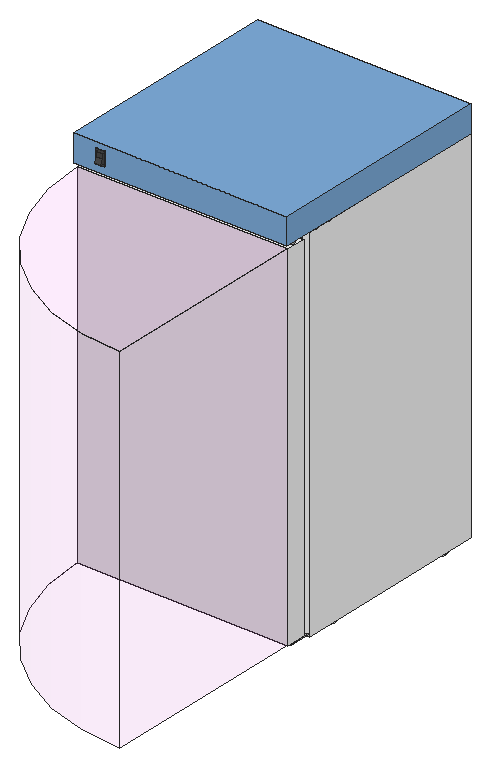
Revit family "QF_Summit_ACR31W_19_Wide_Healthcare_Refrigerator", category Specialty Equipment, Revit 2020
Family settings
  Round Connector Dimension = Use Diameter
  Part Type = Normal
  Work Plane-Based = No
  Always vertical = Yes
  Cut with Voids When Loaded = No
  Shared = No
  Room Calculation Point = No
Parameters
  Weight in Pounds = 57.3
  Watts = Volts * FL Amps  # 103.5 W
  Volts = 115 V
  URL Cutsheet = ""
  Specification by User = ""
  Specification by Manufacturer = ""
  Show Right Hand Door [instance] = yes
  Show Left Hand Door [instance] = not(Show Right Hand Door)  # no
  Show Clearance [instance] = yes
  Serial Number = ""
  Seismic Rating = ""
  SMACNA No = ""
  Revision Code = ""
  Refrigerant Type = "R600a"
  Phase = 1
  Number of Poles = 1
  NAFEM Spec ID Number = ""
  Model = "ACR31W"
  Min Ckt Ampacity = 0 A
  Max Overcurrent Protection = 0 A
  Masterspec = ""
  Manufacturer = "Summit"
  Length = 18.88"
  Item Number = ""
  Installed By = ""
  Identify Quantity as Lot = yes
  Height = 35 1/2"
  HP = ""
  Furnished By = ""
  Foodservice Equipment Identifier = yes
  FL Amps = 0.9 A
  Electrical Remarks = ""
  Electric Connection Type = ""
  Elec Conn RI Height = 0"
  Elec Conn Connection Height = 0"
  Description = "19\" Wide Healthcare Refrigerator"
  Depth = 21"
  Default Elevation = 0"
  Cycle = 60 Hz
  Conn Plug = ""
  Conn Conduit = yes
  CSI MasterFormat = ""
  Apparent Power = 0 VA
Reference planes (in)
  plane 1 "BACK": y = 0
  plane 2: z = 0
  plane 3 "LEFT": x = 0
  plane 4 "RIGHT": x = 18.88
  plane 5 "FRONT": y = -21
  plane 6 "TOP": z = 35.5
  plane 7 "Center Y": x = 9.44
  plane 8 "Center X": y = -10.5
Forms (in)
  Extrusion 1, solid, material "QF_Plastic_Light_Blue_Smooth"
    sketch origin (-38.39759, -180, 35.5) x (-1, 0, 0) y (0, -1, 0)
      loop
        line (-38.39759, -179.375) -> (-38.39759, -159) -> (-57.27759, -159) -> (-57.27759, -179.375) -> (-38.39759, -179.375)
    from 0 to -2.375
  Extrusion 2, solid, material "QF_Plastic_White_Smooth"
    sketch origin (-1.36756, -180, 1) x (-1, 0, 0) y (0, -1, 0)
      loop
        line (-1.36756, -179.375) -> (-1.36756, -161.5) -> (-20.24756, -161.5) -> (-20.24756, -179.375) -> (-1.36756, -179.375)
    from 0 to 32.125
  Extrusion 3, void
    sketch origin (0, -3.75, 18.875) x (0, 0, -1) y (1, 0, 0)
      loop
        line (-12.625, 1.5625) -> (16.625, 1.5625) -> (16.625, 17.3175) -> (-12.625, 17.3175) -> (-12.625, 1.5625)
    from 0 to 14.75
  Extrusion 4, solid, material "QF_Plastic_White_Smooth"
    sketch origin (0.5625, -15.875, 48) x (0, 1, 0) y (0, 0, 1)
      loop
        line (-3.125, -15.44344) -> (-3.125, -46.25) -> (-2.625, -46.25) -> (-2.625, -15.44344) -> (-3.125, -15.44344)
    from 0 to 17.625
  Revolve 5, solid, material "QF_Metallic_Paint_White_Smooth"
    sketch origin (0, -2.125, 0) x (0, 0, -1) y (1, 0, 0)
      loop
        line (-1, 1.5) -> (-1, 1) -> (0, 1) -> (0, 1.5) -> (-1, 1.5)
      axis (-1, 1.5) -> (0, 1.5)
    angle from 0 to 360
  Revolve 6, solid, material "QF_Metallic_Paint_White_Smooth"
    sketch origin (0, -14.375, 0) x (0, 0, -1) y (-1, 0, 0)
      loop
        line (-1, -1.5) -> (0, -1.5) -> (0, -1) -> (-1, -1) -> (-1, -1.5)
      axis (-1, -1.5) -> (0, -1.5)
    angle from 0 to 360
  Revolve 7, solid, material "QF_Metallic_Paint_White_Smooth"
    sketch origin (18.75, -2.125, 0) x (0, 0, -1) y (1, 0, 0)
      loop
        line (-1, -1.37) -> (0, -1.37) -> (0, -0.87) -> (-1, -0.87) -> (-1, -1.37)
      axis (-1, -1.37) -> (0, -1.37)
    angle from 0 to 360
  Extrusion 8, solid, material "QF_Plastic_White_Smooth"
    sketch origin (18.75, 0, 0) x (0, -1, 0) y (0, 0, 1)
      loop
        line (0.5, 8.5) -> (0.5, 1) -> (0.625, 1) -> (0.625, 8.5) -> (0.5, 8.5)
      loop
        line (0.625, 31.875) -> (0, 31.875) -> (0, 9.75) -> (0.625, 9.75) -> (0.625, 31.875)
    from 0.375 to 18.375
  Extrusion 9, solid, material "QF_Metal_Stainless_Polished"
    sketch origin (0, 0, 0) x (1, 0, 0) y (0, 0, 1)
      loop
        circle (16.7348, 1.28164) r 0.125
    from 0.5 to 0.48907
  Revolve 10, solid, material "QF_Metallic_Paint_White_Smooth"
    sketch origin (18.75, -14.375, 0) x (0, 0, -1) y (-1, 0, 0)
      loop
        line (-1, 1.37) -> (-1, 0.87) -> (0, 0.87) -> (0, 1.37) -> (-1, 1.37)
      axis (-1, 1.37) -> (0, 1.37)
    angle from 0 to 360
  Extrusion 11, solid, material "QF_Metal_Stainless_Polished"
    sketch origin (-2.83942, -21, 12.245) x (1, 0, 0) y (0, 0, 1)
      loop
        line (4.83942, 22.77799) -> (4.83942, 21.52799) -> (5.58942, 21.52799) -> (5.58942, 22.77799) -> (4.83942, 22.77799)
    from 0 to 0.06284
  Extrusion 12, solid, material "QF_Metal_Stainless_Polished"
    sketch origin (2.375, -180, 45.89299) x (0, 0, -1) y (0, -1, 0)
      loop
        line (11.495, -158.93716) -> (11.89901, -158.93716) -> (11.89901, -158.67814) -> (11.495, -158.86654) -> (11.09362, -158.86654) -> (11.09362, -158.93716) -> (11.495, -158.93716)
    from -0.28042 to 0.28363
Cuts and joins
  Extrusion 3 cuts Extrusion 2
  Extrusion 3 cuts Extrusion 4
Lines and regions (in)
  Split face 1
    outline origin (2.31, -21, 33.3775) x (0, 0, 1) y (-1, 0, 0)
      loop
        circle (0.9766, -7.13) r 0.5
  Split face 2
    outline origin (2.31, -21, 33.3775) x (0, 0, 1) y (-1, 0, 0)
      loop
        circle (0.9766, -7.13) r 0.25
  Split face 3
    outline origin (0, -21, 32.815) x (0, 0, 1) y (-1, 0, 0)
      loop
        line (2.10399, -11.23542) -> (0.85399, -11.23542) -> (0.85399, -14.48542) -> (2.10399, -14.48542) -> (2.10399, -11.23542)
  Split face 4
    outline origin (0, -21, 32.565) x (0, 0, 1) y (-1, 0, 0)
      loop
        line (2.60301, -14.95537) -> (0.85497, -14.95537) -> (0.85497, -18.45537) -> (2.60301, -18.45537) -> (2.60301, -14.95537)
  Split face 5
    outline origin (0, -21, 32.565) x (0, 0, 1) y (-1, 0, 0)
      loop
        line (2.33838, -15.41838) -> (1.08838, -15.41838) -> (1.08838, -18.01344) -> (2.33838, -18.01344) -> (2.33838, -15.41838)
  symbolic lines
    curve 1: line (0, -0.625, 0) -> (18.88, -0.625, 0)
    curve 2: line (0, -21, 0) -> (0, -0.625, 0)
    curve 3: line (18.88, -21, 0) -> (0, -21, 0)
    curve 4: line (18.88, -0.625, 0) -> (18.88, -21, 0)
    curve 5: line (0.375, 0, 0) -> (0.375, -0.625, 0)
    curve 6: line (18.505, 0, 0) -> (0.375, 0, 0)
    curve 7: line (18.505, 0, 0) -> (18.505, -0.625, 0)
  symbolic lines, style "QF_Clearances_Door_Drawer"
    curve 8: line (2, -21, 0) -> (2, -21.06284, 0)
    curve 9: line (2, -21.06284, 0) -> (2.75, -21.06284, 0)
    curve 10: line (2.75, -21.06284, 0) -> (2.75, -21, 0)
    curve 11: line (2.09137, -21.32186, 0) -> (2.09137, -21.06284, 0)
    curve 12: line (2.09137, -21.32186, 0) -> (2.65542, -21.32186, 0)
    curve 13: line (2.65542, -21.06284, 0) -> (2.65542, -21.32186, 0)
    curve 14: line (9.065, -21.03125, 0) -> (9.065, -21, 0)
    curve 15: line (9.065, -21.03125, 0) -> (9.815, -21.03125, 0)
    curve 16: line (9.815, -21.03125, 0) -> (9.815, -21, 0)
    curve 17: line (11.565, -21, 0) -> (11.565, -21.03125, 0)
    curve 18: line (11.565, -21.03125, 0) -> (14.565, -21.03125, 0)
    curve 19: line (14.565, -21.03125, 0) -> (14.565, -21, 0)
    curve 20: line (15.315, -21, 0) -> (15.315, -21.03125, 0)
    curve 21: line (15.315, -21.03125, 0) -> (18.38, -21.03125, 0)
    curve 22: line (18.38, -21.03125, 0) -> (18.38, -21, 0)
    curve 23: line (2.09137, -21.13346, 0) -> (2.65542, -21.13346, 0)
Dimensions and locks (in)
  equal spacing: plane 3 "LEFT", plane 7 "Center Y", plane 4 "RIGHT"
  "Length": plane 3 "LEFT" to plane 4 "RIGHT"
  equal spacing: plane 5 "FRONT", plane 8 "Center X", plane 1 "BACK"
  "Depth": plane 5 "FRONT" to plane 1 "BACK"
  "Height": plane 6 "TOP" to level
  Extrusion 1 to nested 1 = 32.03014"
  aligned and locked: level to plane 2
Automatic sketch dimensions
  curve 1 to plane 3 "LEFT" = 0"
  plane 1 "BACK" to curve 6 = 0"
  plane 5 "FRONT" to curve 8 = 0"
  curve 4 to plane 4 "RIGHT" = 0"
  plane 3 "LEFT" to curve 6 = 3/8"
  plane 5 "FRONT" to curve 9 = 0.06284"
  plane 3 "LEFT" to curve 9 = 2"
  curve 8 to curve 12 = 0.09137"
  plane 5 "FRONT" to curve 13 = 0.32186"
  curve 11 to curve 13 = 0.56404"
  curve 13 to curve 10 = 0.09458"
  plane 5 "FRONT" to curve 14 = 1/32"
  curve 14 to plane 7 "Center Y" = 3/8"
  plane 7 "Center Y" to curve 16 = 3/8"
  plane 5 "FRONT" to curve 17 = 1/32"
  curve 15 to curve 17 = 1 3/4"
  curve 17 to curve 18 = 3"
  plane 5 "FRONT" to curve 20 = 1/32"
  curve 18 to curve 20 = 3/4"
  plane 4 "RIGHT" to curve 21 = 1/2"
  plane 4 "RIGHT" to curve 7 = 3/8"
  plane 1 "BACK" to curve 1 = 5/8"
  Extrusion 1 sketch curve to plane 4 "RIGHT" = 0"
  Extrusion 1 sketch curve to plane 3 "LEFT" = 0"
  plane 5 "FRONT" to Extrusion 1 sketch curve = 0"
  plane 1 "BACK" to Extrusion 1 sketch curve = 5/8"
  Extrusion 2 sketch curve to plane 4 "RIGHT" = 0"
  Extrusion 2 sketch curve to plane 3 "LEFT" = 0"
  plane 1 "BACK" to Extrusion 2 sketch curve = 5/8"
  Extrusion 2 sketch curve to plane 5 "FRONT" = 2 1/2"
  plane 4 "RIGHT" to Extrusion 3 sketch curve = 1 9/16"
  Extrusion 3 sketch curve to plane 6 "TOP" = 4"
  level to Extrusion 3 sketch curve = 2 1/4"
  plane 3 "LEFT" to Extrusion 3 sketch curve = 1 9/16"
  Extrusion 4 sketch curve to plane 5 "FRONT" = 2"
  Extrusion 4 sketch curve to Extrusion 4 sketch curve = 1/2"
  level to Extrusion 4 sketch curve = 1 3/4"
  Extrusion 4 sketch curve to plane 6 "TOP" = 2.94344"
  Revolve 5 sketch curve to level = 0"
  level to Revolve 5 sketch curve = 1"
  plane 3 "LEFT" to Revolve 5 sketch curve = 1"
  Revolve 5 sketch curve to Revolve 5 sketch curve = 1/2"
  Revolve 5 sketch curve to Revolve 5 sketch curve = 1/4"
  Revolve 5 sketch curve to Revolve 5 sketch curve = 0"  (x2)
  Revolve 6 sketch curve to level = 0"
  level to Revolve 6 sketch curve = 1"
  plane 3 "LEFT" to Revolve 6 sketch curve = 1 1/2"
  Revolve 6 sketch curve to Revolve 6 sketch curve = 1/2"
  Revolve 6 sketch curve to Revolve 6 sketch curve = 1/4"
  Revolve 6 sketch curve to Revolve 6 sketch curve = 0"  (x2)
  Revolve 7 sketch curve to level = 0"
  level to Revolve 7 sketch curve = 1"
  plane 4 "RIGHT" to Revolve 7 sketch curve = 1 1/2"
  Revolve 7 sketch curve to Revolve 7 sketch curve = 1/2"
  Revolve 7 sketch curve to Revolve 7 sketch curve = 1/4"
  Revolve 7 sketch curve to Revolve 7 sketch curve = 0"  (x2)
  Extrusion 8 sketch curve to plane 1 "BACK" = 0"
  plane 1 "BACK" to Extrusion 8 sketch curve = 1/2"
  Extrusion 8 sketch curve to Extrusion 8 sketch curve = 1/8"
  plane 1 "BACK" to Extrusion 8 sketch curve = 5/8"
  level to Extrusion 8 sketch curve = 1"
  Extrusion 8 sketch curve to Extrusion 8 sketch curve = 7 1/2"
  Extrusion 8 sketch curve to Extrusion 8 sketch curve = 1 1/4"
  Extrusion 8 sketch curve to plane 6 "TOP" = 3 5/8"
  plane 4 "RIGHT" to Extrusion 9 sketch curve = 2.1452"
  level to Extrusion 9 sketch curve = 1.28164"
  Revolve 10 sketch curve to level = 0"
  level to Revolve 10 sketch curve = 1"
  plane 4 "RIGHT" to Revolve 10 sketch curve = 1"
  Revolve 10 sketch curve to Revolve 10 sketch curve = 1/2"
  Revolve 10 sketch curve to Revolve 10 sketch curve = 1/4"
  Revolve 10 sketch curve to Revolve 10 sketch curve = 0"  (x2)
  Split face 1 sketch curve to Extrusion 1 = 1.1459"
  Split face 1 sketch curve to Extrusion 1 = 9.44"
  Split face 2 sketch curve to Extrusion 1 = 1.1459"
  Split face 2 sketch curve to Extrusion 1 = 9.44"
  Split face 3 sketch curve to Extrusion 1 = 0.54399"
  Split face 3 sketch curve to Extrusion 1 = 0.58101"
  Split face 3 sketch curve to Extrusion 1 = 4.39458"
  Split face 3 sketch curve to Split face 3 sketch curve = 3 1/4"
  Split face 4 sketch curve to Extrusion 1 = 0.29497"
  Split face 4 sketch curve to Extrusion 1 = 0.33199"
  Split face 4 sketch curve to Extrusion 1 = 0.42463"
  Split face 4 sketch curve to Split face 4 sketch curve = 3 1/2"
  Split face 5 sketch curve to Extrusion 1 = 0.52838"
  Split face 5 sketch curve to Extrusion 1 = 0.59662"
  Split face 5 sketch curve to Extrusion 1 = 0.86656"
  Split face 5 sketch curve to Split face 5 sketch curve = 2.59507"
  plane 3 "LEFT" to Extrusion 11 sketch curve = 2"
  Extrusion 11 sketch curve to Extrusion 11 sketch curve = 3/4"
  Extrusion 11 sketch curve to plane 6 "TOP" = 1.72701"
  Extrusion 11 sketch curve to plane 6 "TOP" = 0.47701"
  plane 5 "FRONT" to Extrusion 12 sketch curve = 0.13346"
  Extrusion 12 sketch curve to plane 6 "TOP" = 0.70063"
  plane 5 "FRONT" to Extrusion 12 sketch curve = 0.06284"
  Extrusion 12 sketch curve to Extrusion 12 sketch curve = 0.40138"
  Extrusion 12 sketch curve to Extrusion 12 sketch curve = 0"
  Extrusion 12 sketch curve to Extrusion 12 sketch curve = 0.40401"
  Extrusion 12 sketch curve to Extrusion 12 sketch curve = 0.25902"
  curve 23 to curve 13 = 0.07062"
  radius of Extrusion 9 sketch curve = 1/8"
  radius of Split face 1 sketch curve = 1/2"
  radius of Split face 2 sketch curve = 1/4"
Nested families (in)
  nested 1: "RHD AND LHD" at (0.065, -19, -0.7475), Show Clearance <- "Show Clearance", Show Left Hand Door <- "Show Left Hand Door", Show Right Hand Door <- "Show Right Hand Door", type "RHD AND LHD"
    with Show Right Hand Door yes, Show Left Hand Door no, Show Clearance yes, Right Hand Door yes, Left Hand Door no, Clearance yes
Connectors (in)
  electrical at (16.7348, -0.48907, 1.28164), driven by "Volts", driven by "Watts"
    settings: on Extrusion 9, index 1, voltage 115 V, apparent load 103.5 VA, apparent load phase1 0 VA, apparent load phase2 0 VA, apparent load phase3 0 VA, power factor 1, load classification "Other", number of poles 1, system type 30, power factor state 1, is connector primary yes, connector utility no, sub classification motor no, connector description "ELECTRICAL CONNECTION"
Definition of nested family "RHD AND LHD"
  Parameters (values of type "RHD AND LHD")
    Weight in Pounds = 0
    URL Cutsheet = ""
    Specification by User = ""
    Specification by Manufacturer = ""
    Show Right Hand Door [instance] = yes
    Show Left Hand Door [instance] = yes
    Show Clearance [instance] = yes
    Serial Number = ""
    Seismic Rating = ""
    SMACNA No = ""
    Right Hand Door [instance] = Show Right Hand Door  # yes
    Revision Code = ""
    NAFEM Spec ID Number = ""
    Masterspec = ""
    Length = 18 3/4"
    Left Hand Door [instance] = Show Left Hand Door  # yes
    Item Number = ""
    Installed By = ""
    Identify Quantity as Lot = yes
    Height = 35 1/2"
    Furnished By = ""
    Foodservice Equipment Identifier = yes
    Depth = 1 3/4"
    Default Elevation = 0"
    Clearance [instance] = Show Clearance  # yes
    CSI MasterFormat = ""
  Reference planes (in)
    plane 1 "BACK": y = 0
    plane 2: z = 0
    plane 3 "LEFT": x = 0
    plane 4 "RIGHT": x = 18.75
    plane 5 "FRONT": y = -1.75
    plane 6 "TOP": z = 35.5
    plane 7 "Center Y": x = 9.375
    plane 8 "Center X": y = -0.875
  Dimensions and locks (in)
    equal spacing: plane 3 "LEFT", plane 7 "Center Y", plane 4 "RIGHT"
    "Length": plane 3 "LEFT" to plane 4 "RIGHT"
    equal spacing: plane 5 "FRONT", plane 8 "Center X", plane 1 "BACK"
    "Depth": plane 5 "FRONT" to plane 1 "BACK"
    "Height": plane 6 "TOP" to level
    nested 2 to nested 2 = 32 1/32"
    aligned and locked: level to plane 2
  Nested families (in)
    nested 1: "RHD" at (0, 0, 0), Show Clearance <- "Show Clearance", Show Right Hand Door <- "Right Hand Door", visible <- "Right Hand Door", type "RHD"
      with Show Right Hand Door yes, Show Clearance yes, Right Hand Door yes, Clearance yes
    nested 2: "LHD" at (0, 0, 0), Show Clearance <- "Show Clearance", Show Left Hand Door <- "Left Hand Door", visible <- "Left Hand Door", type "LHD"
      with Show Left Hand Door yes, Show Clearance yes, Left Hand Door yes, Clearance yes
  Definition of nested family "RHD"
    Parameters (values of type "RHD")
      Weight in Pounds = 0
      URL Cutsheet = ""
      Specification by User = ""
      Specification by Manufacturer = ""
      Show Right Hand Door [instance] = yes
      Show Clearance [instance] = yes
      Serial Number = ""
      Seismic Rating = ""
      SMACNA No = ""
      Right Hand Door [instance] = Show Right Hand Door  # yes
      Revision Code = ""
      NAFEM Spec ID Number = ""
      Masterspec = ""
      Length = 18 3/4"
      Item Number = ""
      Installed By = ""
      Identify Quantity as Lot = yes
      Height = 35 1/2"
      Furnished By = ""
      Foodservice Equipment Identifier = yes
      Depth = 1 3/4"
      Default Elevation = 0"
      Clearance [instance] = Show Clearance  # yes
      CSI MasterFormat = ""
    Reference planes (in)
      plane 1 "BACK": y = 0
      plane 2: z = 0
      plane 3 "LEFT": x = 0
      plane 4 "RIGHT": x = 18.75
      plane 5 "FRONT": y = -1.75
      plane 6 "TOP": z = 35.5
      plane 7 "Center Y": x = 9.375
      plane 8 "Center X": y = -0.875
      plane 9: z = 1.84236
    Forms (in)
      Extrusion 1, solid, visible <- "Right Hand Door"
        sketch origin (-2.76448, -1.75, 48) x (-1, 0, 0) y (0, 0, 1)
          loop
            line (-2.82698, -14.50139) -> (-21.45198, -14.50139) -> (-21.45198, -45.9975) -> (-2.82698, -45.9975) -> (-2.82698, -14.50139)
        from 0 to 1.75
      Extrusion 2, solid, visible <- "Right Hand Door"
        sketch origin (0, -0.25, 8.25) x (0, 1, 0) y (0, 0, 1)
          loop
            arc (0.125, 15.6275) -> (0.05178, 15.80428) -> (-0.125, 15.8775) r 0.25
            line (-0.125, 15.8775) -> (-1.125, 15.8775)
            arc (-1.125, 15.8775) -> (-1.30178, 15.80428) -> (-1.375, 15.6275) r 0.25
            line (-1.375, 15.6275) -> (-1.375, 8.1275)
            arc (-1.375, 8.1275) -> (-1.30178, 7.95072) -> (-1.125, 7.8775) r 0.25
            line (-1.125, 7.8775) -> (-0.125, 7.8775)
            arc (-0.125, 7.8775) -> (0.05178, 7.95072) -> (0.125, 8.1275) r 0.25
            line (0.125, 8.1275) -> (0.125, 15.6275)
          loop
            arc (-0.125, 15.12512) -> (-0.625, 15.62512) -> (-1.125, 15.12512) r 0.5
            line (-1.125, 15.12512) -> (-1.125, 8.6275)
            arc (-1.125, 8.6275) -> (-0.625, 8.1275) -> (-0.125, 8.6275) r 0.5
            line (-0.125, 8.6275) -> (-0.125, 15.12512)
        from 0 to 0.0625
      Extrusion 3, void
        sketch origin (0, -0.25, 8.25) x (0, 1, 0) y (0, 0, 1)
          loop
            line (-0.125, 8.6275) -> (-0.125, 15.12512)
            arc (-0.125, 15.12512) -> (-0.625, 15.62512) -> (-1.125, 15.12512) r 0.5
            line (-1.125, 15.12512) -> (-1.125, 8.6275)
            arc (-1.125, 8.6275) -> (-0.625, 8.1275) -> (-0.125, 8.6275) r 0.5
        from 0 to 0.33876
      Revolve 4, solid, visible <- "Right Hand Door"
        sketch origin (18.25, -163.625, 21.25361) x (0, 0, 1) y (0, -1, 0)
          loop
            line (12.245, -162.75) -> (12.245, -163) -> (12.62, -163) -> (12.62, -162.75) -> (12.245, -162.75)
          axis (12.62, -162.75) -> (12.245, -162.75)
        angle from 0 to 360
      Extrusion 5, solid, visible <- "Right Hand Door"
        sketch origin (18.75, 0.5, 1.7525) x (-1, 0, 0) y (0, 0, -1)
          loop
            line (0.9375, -0.15066) -> (0.9375, -0.08986) -> (0.0625, -0.08986) -> (0.0625, -0.15066) -> (0.9375, -0.15066)
        from 0 to 1.84933
      Revolve 6, solid, visible <- "Right Hand Door"
        sketch origin (18.25, -163.625, 2.0025) x (0, 0, 1) y (0, -1, 0)
          loop
            line (-0.09934, -162.75) -> (-0.09934, -163) -> (0, -163) -> (0, -162.75) -> (-0.09934, -162.75)
          axis (0, -162.75) -> (-0.09934, -162.75)
        angle from 0 to 360
      Extrusion 7, solid, visible <- "Clearance"
        sketch origin (16.53697, -1.75, 2.0025) x (0, 1, 0) y (1, 0, 0)
          loop
            line (0, -16.47447) -> (0, 2.15053) -> (-18.625, 2.15053)
            arc (-18.625, 2.15053) -> (-13.16986, -11.01933) -> (0, -16.47447) r 18.625
        from 0 to -31.49611
    Cuts and joins
      Extrusion 3 cuts Extrusion 1
      Extrusion 3 cuts Extrusion 2
    Lines and regions (in)
      symbolic lines, visible <- "Clearance"
        curve 1: arc (2.66712, -11.24937, 0) -> (0.72545, -6.67499, 0) -> (0.0625, -1.75, 0) r 18.625
        curve 2: line (18.6875, -2, 0) -> (2.66712, -11.24937, 0)
    Dimensions and locks (in)
      equal spacing: plane 3 "LEFT", plane 7 "Center Y", plane 4 "RIGHT"
      "Length": plane 3 "LEFT" to plane 4 "RIGHT"
      equal spacing: plane 5 "FRONT", plane 8 "Center X", plane 1 "BACK"
      "Depth": plane 5 "FRONT" to plane 1 "BACK"
      "Height": plane 6 "TOP" to level
      aligned and locked: level to plane 2
    Automatic sketch dimensions
      plane 4 "RIGHT" to Extrusion 1 sketch curve = 1/16"
      plane 3 "LEFT" to Extrusion 1 sketch curve = 1/16"
      level to Extrusion 1 sketch curve = 2.0025"
      Extrusion 1 sketch curve to plane 6 "TOP" = 2.00139"
      Extrusion 2 sketch curve to Extrusion 2 sketch curve = 1/4"  (x3)
      Extrusion 2 sketch curve to Extrusion 2 sketch curve = 1/2"  (x3)
      Extrusion 2 sketch curve to Extrusion 2 sketch curve = 0"  (x2)
      level to Extrusion 2 sketch curve = 16.1275"
      Extrusion 2 sketch curve to Extrusion 2 sketch curve = 6.49762"
      Extrusion 2 sketch curve to Extrusion 2 sketch curve = 0.50238"
      Extrusion 3 sketch curve to Extrusion 3 sketch curve = 1/2"
      level to Extrusion 3 sketch curve = 16.8775"
      Extrusion 3 sketch curve to Extrusion 3 sketch curve = 6.49762"
      Extrusion 2 sketch curve to plane 5 "FRONT" = 1/8"
      Extrusion 3 sketch curve to plane 5 "FRONT" = 3/8"
      plane 5 "FRONT" to curve 1 = 0"
      plane 4 "RIGHT" to curve 1 = 1/16"
      plane 4 "RIGHT" to curve 2 = 1/16"
      plane 3 "LEFT" to curve 2 = 2.66712"
      plane 3 "LEFT" to curve 1 = 1/16"
      curve 2 to curve 1 = 1/4"
      Revolve 4 sketch curve to plane 8 "Center X" = 0"  (x2)
      Revolve 4 sketch curve to plane 6 "TOP" = 2.00139"
      Revolve 4 sketch curve to Revolve 4 sketch curve = 3/8"
      Revolve 4 sketch curve to Revolve 4 sketch curve = 1/4"
      Revolve 4 sketch curve to Revolve 4 sketch curve = 0.12972"
      Revolve 4 sketch curve to Revolve 4 sketch curve = 0"
      plane 4 "RIGHT" to Extrusion 5 sketch curve = 1/16"
      Extrusion 5 sketch curve to Extrusion 5 sketch curve = 7/8"
      level to Extrusion 5 sketch curve = 1.90316"
      Extrusion 5 sketch curve to Extrusion 5 sketch curve = 0.0608"
      Revolve 6 sketch curve to plane 8 "Center X" = 0"  (x2)
      level to Revolve 6 sketch curve = 1.90316"
      Revolve 6 sketch curve to Revolve 6 sketch curve = 0.09934"
      Revolve 6 sketch curve to Revolve 6 sketch curve = 1/4"
      Revolve 6 sketch curve to Revolve 6 sketch curve = 0.03038"
      Revolve 6 sketch curve to Revolve 6 sketch curve = 0"
      plane 5 "FRONT" to Extrusion 7 sketch curve = 0"
      plane 4 "RIGHT" to Extrusion 7 sketch curve = 1/16"
      Extrusion 7 sketch curve to Extrusion 7 sketch curve = 18 5/8"
  Definition of nested family "LHD"
    Parameters (values of type "LHD")
      Weight in Pounds = 0
      URL Cutsheet = ""
      Specification by User = ""
      Specification by Manufacturer = ""
      Show Left Hand Door [instance] = yes
      Show Clearance [instance] = yes
      Serial Number = ""
      Seismic Rating = ""
      SMACNA No = ""
      Left Hand Door [instance] = Show Left Hand Door  # yes
      Revision Code = ""
      NAFEM Spec ID Number = ""
      Masterspec = ""
      Length = 18 3/4"
      Item Number = ""
      Installed By = ""
      Identify Quantity as Lot = yes
      Height = 35 1/2"
      Furnished By = ""
      Foodservice Equipment Identifier = yes
      Depth = 1 3/4"
      Default Elevation = 0"
      Clearance [instance] = Show Clearance  # yes
      CSI MasterFormat = ""
    Reference planes (in)
      plane 1 "BACK": y = 0
      plane 2: z = 0
      plane 3 "LEFT": x = 0
      plane 4 "RIGHT": x = 18.75
      plane 5 "FRONT": y = -1.75
      plane 6 "TOP": z = 35.5
      plane 7 "Center Y": x = 9.375
      plane 8 "Center X": y = -0.875
      plane 9: z = 1.84236
    Forms (in)
      Extrusion 1, solid, visible <- "Left Hand Door"
        sketch origin (-2.76448, -1.75, 48) x (-1, 0, 0) y (0, 0, 1)
          loop
            line (-2.82698, -14.50139) -> (-21.45198, -14.50139) -> (-21.45198, -45.9975) -> (-2.82698, -45.9975) -> (-2.82698, -14.50139)
        from 0 to 1.75
      Extrusion 2, solid, visible <- "Left Hand Door"
        sketch origin (18.75, -0.25, -4.375) x (0, 1, 0) y (0, 0, -1)
          loop
            line (0.125, -28.2475) -> (0.125, -20.7475)
            arc (0.125, -20.7475) -> (0.05178, -20.57072) -> (-0.125, -20.4975) r 0.25
            line (-0.125, -20.4975) -> (-1.125, -20.4975)
            arc (-1.125, -20.4975) -> (-1.30178, -20.57072) -> (-1.375, -20.7475) r 0.25
            line (-1.375, -20.7475) -> (-1.375, -28.2475)
            arc (-1.375, -28.2475) -> (-1.30178, -28.42428) -> (-1.125, -28.4975) r 0.25
            line (-1.125, -28.4975) -> (-0.125, -28.4975)
            arc (-0.125, -28.4975) -> (0.05178, -28.42428) -> (0.125, -28.2475) r 0.25
          loop
            line (-0.125, -27.74512) -> (-0.125, -21.2475)
            arc (-0.125, -21.2475) -> (-0.625, -20.7475) -> (-1.125, -21.2475) r 0.5
            line (-1.125, -21.2475) -> (-1.125, -27.74512)
            arc (-1.125, -27.74512) -> (-0.625, -28.24512) -> (-0.125, -27.74512) r 0.5
        from 0 to 0.0625
      Extrusion 3, void
        sketch origin (18.6875, -1.75, 33.7475) x (0, 0, 1) y (0, 1, 0)
          loop
            arc (-10.62628, 0.375) -> (-10.12628, 0.875) -> (-10.62628, 1.375) r 0.5
            line (-10.62628, 1.375) -> (-16.875, 1.375)
            arc (-16.875, 1.375) -> (-17.375, 0.875) -> (-16.875, 0.375) r 0.5
            line (-16.875, 0.375) -> (-10.62628, 0.375)
        from 0 to 0.68518
      Revolve 4, solid, visible <- "Left Hand Door"
        sketch origin (0.5, -163.625, 21.25361) x (0, 0, 1) y (0, -1, 0)
          loop
            line (12.245, -162.75) -> (12.245, -163) -> (12.62, -163) -> (12.62, -162.75) -> (12.245, -162.75)
          axis (12.62, -162.75) -> (12.245, -162.75)
        angle from 0 to 360
      Extrusion 5, solid, visible <- "Left Hand Door"
        sketch origin (1, 0.5, 1.7525) x (-1, 0, 0) y (0, 0, -1)
          loop
            line (0.9375, -0.15066) -> (0.9375, -0.08986) -> (0.0625, -0.08986) -> (0.0625, -0.15066) -> (0.9375, -0.15066)
        from 0 to 1.84933
      Revolve 6, solid, visible <- "Left Hand Door"
        sketch origin (0.5, -163.625, 2.0025) x (0, 0, 1) y (0, -1, 0)
          loop
            line (-0.09934, -162.75) -> (-0.09934, -163) -> (0, -163) -> (0, -162.75) -> (-0.09934, -162.75)
          axis (0, -162.75) -> (-0.09934, -162.75)
        angle from 0 to 360
      Extrusion 7, solid, visible <- "Clearance"
        sketch origin (2.21303, -1.75, 2.0025) x (0, -1, 0) y (-1, 0, 0)
          loop
            arc (0, -16.47447) -> (13.16986, -11.01933) -> (18.625, 2.15053) r 18.625
            line (18.625, 2.15053) -> (0, 2.15053) -> (0, -16.47447)
        from 0 to -31.49611
    Cuts and joins
      Extrusion 3 cuts Extrusion 1
    Lines and regions (in)
      symbolic lines, visible <- "Left Hand Door"
        curve 1: arc (16.08288, -11.24937, 0) -> (18.02455, -6.67499, 0) -> (18.6875, -1.75, 0) r 18.625
        curve 2: line (0.06419, -2.00098, 0) -> (16.08288, -11.24937, 0)
    Dimensions and locks (in)
      equal spacing: plane 3 "LEFT", plane 7 "Center Y", plane 4 "RIGHT"
      "Length": plane 3 "LEFT" to plane 4 "RIGHT"
      equal spacing: plane 5 "FRONT", plane 8 "Center X", plane 1 "BACK"
      "Depth": plane 5 "FRONT" to plane 1 "BACK"
      "Height": plane 6 "TOP" to level
      aligned and locked: level to plane 2
    Automatic sketch dimensions
      plane 5 "FRONT" to curve 1 = 0"
      plane 3 "LEFT" to curve 1 = 1/16"
      plane 4 "RIGHT" to curve 2 = 2.66712"
      plane 5 "FRONT" to curve 2 = 9.49937"
      plane 3 "LEFT" to curve 2 = 0.06419"
      plane 4 "RIGHT" to Extrusion 1 sketch curve = 1/16"
      plane 3 "LEFT" to Extrusion 1 sketch curve = 1/16"
      level to Extrusion 1 sketch curve = 2.0025"
      Extrusion 1 sketch curve to plane 6 "TOP" = 2.00139"
      Extrusion 2 sketch curve to plane 8 "Center X" = 0"
      Extrusion 2 sketch curve to plane 5 "FRONT" = 3/8"  (x3)
      Extrusion 2 sketch curve to plane 5 "FRONT" = 1/8"
      plane 1 "BACK" to Extrusion 2 sketch curve = 3/8"  (x2)
      plane 1 "BACK" to Extrusion 2 sketch curve = 1/8"
      Extrusion 2 sketch curve to plane 6 "TOP" = 11.3775"
      Extrusion 2 sketch curve to Extrusion 2 sketch curve = 0.50238"
      Extrusion 2 sketch curve to Extrusion 2 sketch curve = 6.49762"
      Extrusion 2 sketch curve to Extrusion 2 sketch curve = 1/2"
      plane 5 "FRONT" to curve 2 = 0.25098"
      Extrusion 3 sketch curve to Extrusion 1 = 7/8"
      Extrusion 3 sketch curve to Extrusion 1 = 14.87"
      Extrusion 3 sketch curve to Extrusion 1 = 10.37738"
      Extrusion 3 sketch curve to Extrusion 1 = 3/8"
      Revolve 4 sketch curve to plane 8 "Center X" = 0"  (x2)
      Revolve 4 sketch curve to plane 6 "TOP" = 2.00139"
      Revolve 4 sketch curve to Revolve 4 sketch curve = 3/8"
      Revolve 4 sketch curve to Revolve 4 sketch curve = 1/4"
      Revolve 4 sketch curve to Revolve 4 sketch curve = 0.12972"
      Revolve 4 sketch curve to Revolve 4 sketch curve = 0"
      plane 3 "LEFT" to Extrusion 5 sketch curve = 15/16"
      plane 3 "LEFT" to Extrusion 5 sketch curve = 1/16"
      level to Extrusion 5 sketch curve = 1.90316"
      Extrusion 5 sketch curve to Extrusion 5 sketch curve = 0.0608"
      Revolve 6 sketch curve to plane 8 "Center X" = 0"  (x2)
      level to Revolve 6 sketch curve = 1.90316"
      Revolve 6 sketch curve to Revolve 6 sketch curve = 0.09934"
      Revolve 6 sketch curve to Revolve 6 sketch curve = 1/4"
      Revolve 6 sketch curve to Revolve 6 sketch curve = 0.03038"
      Revolve 6 sketch curve to Revolve 6 sketch curve = 0"
      plane 5 "FRONT" to Extrusion 7 sketch curve = 0"
      plane 3 "LEFT" to Extrusion 7 sketch curve = 1/16"
      Extrusion 7 sketch curve to Extrusion 7 sketch curve = 18 5/8"
